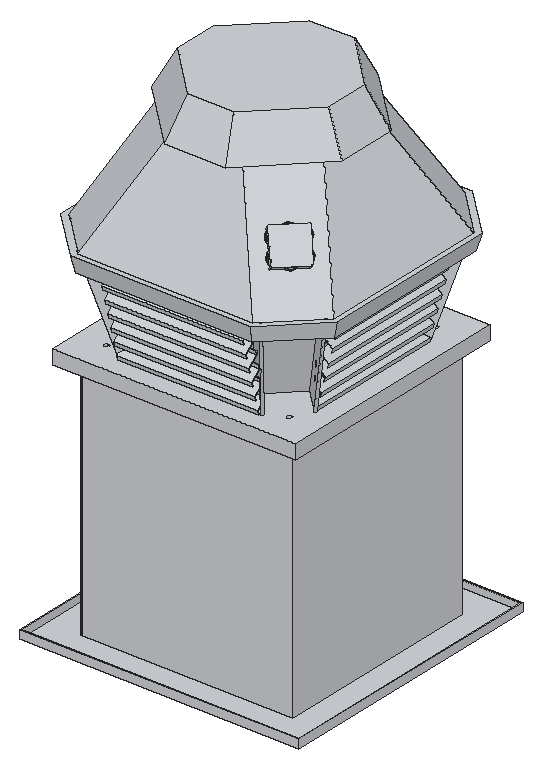
Revit family "ВентКлиматСтрой Вентилятор дымоудаления крышный радиальный ВКР", category Оборудование, Revit 2019
Family settings
  Размер круглого соединителя = Использовать диаметр
  Тип детали = Нормальный
  Номер OmniClass = 23.75.35.17.11
  Заголовок OmniClass = Fans for Air Ductwork
  На основе рабочей плоскости = Нет
  Всегда вертикально = Да
  При загрузке вырезать с полостями = Нет
  Общий = Нет
  Точка расчета площади = Да
Parameters (values of type "ВКР-3,55ДУ")
  № [instance] = 1
  УГО_3D = yes
  Стакан монтажный [instance] = yes
  Размер символа УГО 1D [instance] = 500 mm
  Полюсов [instance] = size_lookup("ВКР", "Poles", 4, D, №)  # 4
  Описание = "Вентилятор дымоудаления крышный радиальный с выходом потока вверх"  # constant formula
  МинРазмерШахты = size_lookup("СТМ200", "ShaftMinSize", 500 mm, D)  # 500 mm
  Марка двигателя [instance] = size_lookup("ВКР", "Drive", "", D, №)  # "АИР56B4"
  Клапан с электроприводом [instance] = no
  Изготовитель = "ООО \"ЗВО ВентКлиматСтрой\" тел.: +7(495)552-95-33 e-mail: vclimat@bk.ru"  # constant formula
  w = size_lookup("ВКР", "w", 107 mm, D)  # 107 mm
  d = size_lookup("ВКР", "d", 11 mm, D)  # 11.3 mm
  b = if(D < 560 mm, 30 mm, 40 mm)  # 30 mm
  ang = size_lookup("ВКР", "ang", 75.21°, D)  # 75.21°
  STM_h' [instance] = if(Стакан монтажный, 598 mm, 0 mm)  # 598 mm
  STM_Hb1 [instance] = if(Стакан монтажный, 20 mm, 0 mm)  # 20 mm
  STM_Hb [instance] = if(Стакан монтажный, 20 mm, 0 mm)  # 20 mm
  STM_H' [instance] = if(Стакан монтажный, 600 mm, 0 mm)  # 600 mm
  STM_C = size_lookup("СТМ200", "C", 420 mm, D)  # 420 mm
  STM_B = size_lookup("СТМ200", "B", 685 mm, D)  # 685 mm
  STM_A = size_lookup("СТМ200", "A", 520 mm, D)  # 520 mm
  h = size_lookup("ВКР", "h", 35 mm, D)  # 35 mm
  H3 = 0.3 * H  # 189 mm
  H2 = if(H * 0.15 > 150 mm, 150 mm, H * 0.15)  # 94.5 mm
  Lw, дБА [instance] = size_lookup("ВКР", "Lw", 60, D, №)  # 75
  Poles = 3
  H1' = H1 - h  # 248.5 mm
  H1 = 0.45 * H  # 283.5 mm
  H = size_lookup("ВКР", "H", 690 mm, D)  # 630 mm
  E1 = E - 2 * (H - H1) * sin(30.00°)  # 303.5 mm
  E = if(size_lookup("ВКР", "E", 630 mm, D) > B, size_lookup("ВКР", "E", 630 mm, D), B + 100 mm)  # 650 mm
  B1 = B - 60 mm  # 535 mm
  B = size_lookup("ВКР", "B", 595 mm, D)  # 595 mm
  ADSK_Частота вращения двигателя [instance] = size_lookup("ВКР", "Freq", 1400, D, №)  # 1300
  ADSK_Частота вращения вентилятора [instance] = ADSK_Частота вращения двигателя  # 1300
  ADSK_Ток [instance] = ADSK_Номинальная мощность / (ADSK_Коэффициент мощности * ADSK_Напряжение * sqrt(ADSK_Количество фаз числовое))  # 0.420741 A
  ADSK_Свободный напор воздуха [instance] = 0.0 Pa
  ADSK_Предел огнестойкости экземпляра = "120 мин."  # constant formula
  ADSK_Предел огнестойкости = "120"  # constant formula
  ADSK_Полная мощность [instance] = ADSK_Номинальная мощность / ADSK_Коэффициент мощности  # 276.923 VA
  ADSK_Обозначение = ""
  ADSK_Номинальная мощность [instance] = size_lookup("ВКР", "Pel", 0, D, №) * 1000 W  # 180 W
  ADSK_Напряжение = 380 V  # constant formula
  ADSK_Материал тип подсчета = 0  # constant formula
  ADSK_Коэффициент мощности [instance] = if(or(ADSK_Номинальная мощность < 1000 W, ADSK_Номинальная мощность = 1000 W), 0.65, if(and(ADSK_Номинальная мощность > 1000 W, ADSK_Номинальная мощность < 4000 W), 0.75, if(or(ADSK_Номинальная мощность > 4000 W, ADSK_Номинальная мощность = 4000 W), 0.85, 0)))  # 0.65
  ADSK_Количество фаз числовое = 3  # constant formula
  ADSK_Количество = 1  # constant formula
  ADSK_Классификация нагрузок = Прочее
  Hofs [instance] = if(Стакан монтажный, 600 mm, 0 mm)  # 600 mm
  Data = "ВКР"  # constant formula
  D = 355 mm
  ADSK_Расход воздуха [instance] = 0 m³/h
  ADSK_Примечание [instance] = ""
  ADSK_Позиция [instance] = ""
  ADSK_Наименование краткое [instance] = "Вентилятор дымоудаления крышный радиальный с выходом потока вверх"  # constant formula
  ADSK_Наименование [instance] = size_lookup("ВКР", "Name", "ВентКлиматСтрой ВКРВ: Некорректный типоразмер", D, №)  # "Вентилятор крышный радиальный с выходом потока вверх для систем дымоудаления при пожаре №3,55, общепромышленного исполнения, с электродвигателем мощностью 0.18 кВт, число полюсов 4"
  ADSK_Масса [instance] = size_lookup("ВКР", "Weight", 0, D, №)  # 23
  ADSK_Марка [instance] = size_lookup("ВКР", "", "ВентКлиматСтрой ВКРВ: Некорректный типоразмер", D, №)  # "ВКР-3,55ДУ 0.18/1300"
  ADSK_Код изделия [instance] = ""
  ADSK_Завод-изготовитель [instance] = "ООО \"ЗВО ВентКлиматСтрой\""  # constant formula
  ADSK_Единица измерения = "шт."  # constant formula
  ADSK_Группирование [instance] = ""
  ADSK_Версия семейства = "rev.1"  # constant formula
  ADSK_Версия Revit = "2019"  # constant formula
  A = size_lookup("ВКР", "A", 450 mm, D)  # 450 mm
Reference planes
  plane 1 "По центру (Вперед/Назад)": y = 0
  plane 2: z = 0
  plane 3 "По центру (Влево/Вправо)": x = 0
  plane 4 "Низ вентилятора": z = 600
  plane 5 "Вверх": z = 1230
  plane 6: z = 883.5
  plane 7: z = 1135.5
  plane 8 "Вправо": x = 297.5
  plane 9 "Влево": x = -297.5
  plane 10 "Сзади": y = 297.5
  plane 11 "Спереди": y = -297.5
  plane 12 "h": z = 635
  plane 13: y = 225
  plane 14: y = -225
  plane 15: x = 225
  plane 16: x = -225
  plane 17 "H3": z = 1033.5
  plane 18: through (-332.5, 332.5, 1200) normal (0.7071, 0.7071, 0)
  plane 19: through (332.5, 332.5, 1200) normal (0.7071, -0.7071, 0)
Forms (mm)
  Extrusion 1, solid, detail levels medium+fine
    sketch origin (0, 0, 0) x (1, 0, 0) y (0, 1, 0)
      loop
        line (260, -260) -> (260, 260) -> (-260, 260) -> (-260, -260) -> (260, -260)
      loop
        circle (0, 0) r 210
    from -1 to 600 <- "STM_H'"
  Extrusion 2, void
    sketch origin (0, 0, 0) x (1, 0, 0) y (0, 1, 0)
      loop
        line (258, 258) -> (-258, 258) -> (-258, -258) -> (258, -258) -> (258, 258)
    from -1 to 598 <- "STM_h'"
  Extrusion 3, solid
    sketch origin (0, 0, 0) x (1, 0, 0) y (0, 1, 0)
      loop
        line (260, 260) -> (-260, 260) -> (-260, -260) -> (260, -260) -> (260, 260)
      loop
        line (-342.5, 342.5) -> (-342.5, -342.5) -> (342.5, -342.5) -> (342.5, 342.5) -> (-342.5, 342.5)
    from -1 to 20 <- "STM_Hb"
  Extrusion 4, void
    sketch origin (0, 0, 0) x (1, 0, 0) y (0, 1, 0)
      loop
        line (260, -260) -> (260, 260) -> (-260, 260) -> (-260, -260) -> (260, -260)
      loop
        line (-340.5, -340.5) -> (340.5, -340.5) -> (340.5, 340.5) -> (-340.5, 340.5) -> (-340.5, -340.5)
    from 2 to 20 <- "STM_Hb1"
  Extrusion 5, void
    sketch origin (0, 0, 0) x (1, 0, 0) y (0, 1, 0)
      loop
        line (342.5, -342.5) -> (342.5, 342.5) -> (-342.5, 342.5) -> (-342.5, -342.5) -> (342.5, -342.5)
    from -1 to 0
  SweptBlend 6, solid, detail levels medium+fine
    path origin (0, 0, 0) x (1, 0, 0) y (0, 0, 1)
      loop
        line (0, 635) -> (0, 883.5)
    profile "ВКР_Корпус_Рама : Низ" origin (0, 0, 635) x (-1, 0, 0) y (0, -1, 0)
      loop
        line (-250.33, -174.67) -> (-246.795, -178.205) -> (-190.226, -121.637) -> (-121.637, -190.226) -> (-178.205, -246.795) -> (-174.67, -250.33) -> (-82.746, -158.406) -> (82.746, -158.406) -> (174.67, -250.33) -> (178.205, -246.795) -> (121.637, -190.226) -> (190.226, -121.637) -> (246.795, -178.205) -> (250.33, -174.67) -> (158.406, -82.746) -> (158.406, 82.746) -> (250.33, 174.67) -> (246.795, 178.205) -> (190.226, 121.637) -> (121.637, 190.226) -> (178.205, 246.795) -> (174.67, 250.33) -> (82.746, 158.406) -> (-82.746, 158.406) -> (-174.67, 250.33) -> (-178.205, 246.795) -> (-121.637, 190.226) -> (-190.226, 121.637) -> (-246.795, 178.205) -> (-250.33, 174.67) -> (-158.406, 82.746) -> (-158.406, -82.746) -> (-250.33, -174.67)
    end profile "ВКР_Корпус_Рама : Центр" origin (0, 0, 883.5) x (-1, 0, 0) y (0, -1, 0)
      loop
        line (-315.962, -224.038) -> (-312.426, -227.574) -> (-255.858, -171.005) -> (-171.005, -255.858) -> (-227.574, -312.426) -> (-224.038, -315.962) -> (-132.114, -224.038) -> (132.114, -224.038) -> (224.038, -315.962) -> (227.574, -312.426) -> (171.005, -255.858) -> (255.858, -171.005) -> (312.426, -227.574) -> (315.962, -224.038) -> (224.038, -132.114) -> (224.038, 132.114) -> (315.962, 224.038) -> (312.426, 227.574) -> (255.858, 171.005) -> (171.005, 255.858) -> (227.574, 312.426) -> (224.038, 315.962) -> (132.114, 224.038) -> (-132.114, 224.038) -> (-224.038, 315.962) -> (-227.574, 312.426) -> (-171.005, 255.858) -> (-255.858, 171.005) -> (-312.426, 227.574) -> (-315.962, 224.038) -> (-224.038, 132.114) -> (-224.038, -132.114) -> (-315.962, -224.038)
  Extrusion 7, solid, detail levels medium+fine
    sketch origin (0, 0, 600) x (0, -1, 0) y (1, 0, 0)
      loop
        line (-297.5, -297.5) -> (297.5, -297.5) -> (297.5, 297.5) -> (-297.5, 297.5) -> (-297.5, -297.5)
      loop
        circle (-225, 225) r 5.65
      loop
        circle (-225, -225) r 5.65
      loop
        circle (225, 225) r 5.65
      loop
        circle (225, -225) r 5.65
    from 0 to 35 <- "h"
  SweptBlend 8, solid, detail levels medium+fine
    path origin (0, 0, 0) x (1, 0, 0) y (0, 0, 1)
      loop
        line (0, 883.5) -> (0, 1230)
    profile "ВКР_Корпус : Центр" origin (0, 0, 883.5) x (-1, 0, 0) y (0, -1, 0)
      loop
        line (-325, 215) -> (-325, -215) -> (-215, -325) -> (215, -325) -> (325, -215) -> (325, 215) -> (215, 325) -> (-215, 325) -> (-325, 215)
    end profile "ВКР_Корпус : Верх" origin (0, 0, 1230) x (-1, 0, 0) y (0, -1, 0)
      loop
        line (-151.75, 41.75) -> (-151.75, -41.75) -> (-41.75, -151.75) -> (41.75, -151.75) -> (151.75, -41.75) -> (151.75, 41.75) -> (41.75, 151.75) -> (-41.75, 151.75) -> (-151.75, 41.75)
  Sweep 9, solid, detail levels medium+fine
    path in 3D
      loop
        line (-325, -215, 883.5) -> (-215, -325, 883.5) -> (215, -325, 883.5) -> (325, -215, 883.5) -> (325, 215, 883.5) -> (215, 325, 883.5) -> (-215, 325, 883.5) -> (-325, 215, 883.5) -> (-325, -215, 883.5)
    profile origin (-325, 0, 883.5) x (-1, 0, 0) y (0, 0, -1)
      loop
        line (15, 0) -> (4.436, 40) -> (-20, 40) -> (-20, 0) -> (15, 0)
  Sweep 10, solid, detail levels medium+fine
    path origin (0, 0, 635) x (0, -1, 0) y (1, 0, 0)
      loop
        line (172.906, 264.83) -> (-172.906, 264.83)
    profile "Ламель корпуса вентилятора : Ламель корпуса вентилятора" origin (264.83, 0, 635) x (-1, 0, 0) y (0, 0, 1)
      loop
        line (-40.641, 210.741) -> (-39.625, 210.741) -> (-42.155, 220.323) -> (-17.548, 240.818) -> (-20.131, 250.603) -> (-21.165, 250.603) -> (-18.689, 241.223) -> (-43.281, 220.741) -> (-40.641, 210.741)
      loop
        line (-31.352, 175.56) -> (-30.337, 175.56) -> (-32.867, 185.142) -> (-8.259, 205.637) -> (-10.842, 215.422) -> (-11.877, 215.422) -> (-9.4, 206.042) -> (-33.992, 185.56) -> (-31.352, 175.56)
      loop
        line (-22.064, 140.379) -> (-21.048, 140.379) -> (-23.578, 149.961) -> (1.03, 170.456) -> (-1.554, 180.241) -> (-2.588, 180.241) -> (-0.112, 170.861) -> (-24.704, 150.379) -> (-22.064, 140.379)
      loop
        line (-12.775, 105.198) -> (-11.76, 105.198) -> (-14.289, 114.78) -> (10.318, 135.275) -> (7.735, 145.06) -> (6.701, 145.06) -> (9.177, 135.68) -> (-15.415, 115.198) -> (-12.775, 105.198)
      loop
        line (-3.486, 70.017) -> (-2.471, 70.017) -> (-5.001, 79.599) -> (19.607, 100.095) -> (17.023, 109.879) -> (15.989, 109.879) -> (18.466, 100.499) -> (-6.127, 80.017) -> (-3.486, 70.017)
      loop
        line (5.802, 34.836) -> (6.837, 34.836) -> (4.303, 44.431) -> (28.895, 64.914) -> (26.312, 74.698) -> (25.278, 74.698) -> (27.754, 65.318) -> (3.162, 44.836) -> (5.802, 34.836)
      loop
        line (15, 0) -> (16.034, 0) -> (13.592, 9.25) -> (38.184, 29.733) -> (35.601, 39.517) -> (34.566, 39.517) -> (37.043, 30.138) -> (12.451, 9.655) -> (15, 0)
  Sweep 11, solid, detail levels medium+fine
    path origin (0, 0, 635) x (0, -1, 0) y (1, 0, 0)
      loop
        line (172.906, -264.83) -> (-172.906, -264.83)
    profile "Ламель корпуса вентилятора : Ламель корпуса вентилятора" origin (-264.83, 0, 635) x (-1, 0, 0) y (0, 0, 1)
      loop
        line (40.641, 210.741) -> (43.281, 220.741) -> (18.689, 241.223) -> (21.165, 250.603) -> (20.131, 250.603) -> (17.548, 240.818) -> (42.155, 220.323) -> (39.625, 210.741) -> (40.641, 210.741)
      loop
        line (31.352, 175.56) -> (33.992, 185.56) -> (9.4, 206.042) -> (11.877, 215.422) -> (10.842, 215.422) -> (8.259, 205.637) -> (32.867, 185.142) -> (30.337, 175.56) -> (31.352, 175.56)
      loop
        line (22.064, 140.379) -> (24.704, 150.379) -> (0.112, 170.861) -> (2.588, 180.241) -> (1.554, 180.241) -> (-1.03, 170.456) -> (23.578, 149.961) -> (21.048, 140.379) -> (22.064, 140.379)
      loop
        line (12.775, 105.198) -> (15.415, 115.198) -> (-9.177, 135.68) -> (-6.701, 145.06) -> (-7.735, 145.06) -> (-10.318, 135.275) -> (14.289, 114.78) -> (11.76, 105.198) -> (12.775, 105.198)
      loop
        line (3.486, 70.017) -> (6.127, 80.017) -> (-18.466, 100.499) -> (-15.989, 109.879) -> (-17.023, 109.879) -> (-19.607, 100.095) -> (5.001, 79.599) -> (2.471, 70.017) -> (3.486, 70.017)
      loop
        line (-5.802, 34.836) -> (-3.162, 44.836) -> (-27.754, 65.318) -> (-25.278, 74.698) -> (-26.312, 74.698) -> (-28.895, 64.914) -> (-4.303, 44.431) -> (-6.837, 34.836) -> (-5.802, 34.836)
      loop
        line (-15, 0) -> (-12.451, 9.655) -> (-37.043, 30.138) -> (-34.566, 39.517) -> (-35.601, 39.517) -> (-38.184, 29.733) -> (-13.592, 9.25) -> (-16.034, 0) -> (-15, 0)
  Sweep 12, solid, detail levels medium+fine
    path origin (0, 0, 635) x (-1, 0, 0) y (0, -1, 0)
      loop
        line (172.906, -264.83) -> (-172.906, -264.83)
    profile "Ламель корпуса вентилятора : Ламель корпуса вентилятора" origin (0, 264.83, 635) x (0, 1, 0) y (0, 0, 1)
      loop
        line (45.641, 210.741) -> (48.281, 220.741) -> (23.689, 241.223) -> (26.165, 250.603) -> (25.131, 250.603) -> (22.548, 240.818) -> (47.155, 220.323) -> (44.625, 210.741) -> (45.641, 210.741)
      loop
        line (36.352, 175.56) -> (38.992, 185.56) -> (14.4, 206.042) -> (16.877, 215.422) -> (15.842, 215.422) -> (13.259, 205.637) -> (37.867, 185.142) -> (35.337, 175.56) -> (36.352, 175.56)
      loop
        line (27.064, 140.379) -> (29.704, 150.379) -> (5.112, 170.861) -> (7.588, 180.241) -> (6.554, 180.241) -> (3.97, 170.456) -> (28.578, 149.961) -> (26.048, 140.379) -> (27.064, 140.379)
      loop
        line (17.775, 105.198) -> (20.415, 115.198) -> (-4.177, 135.68) -> (-1.701, 145.06) -> (-2.735, 145.06) -> (-5.318, 135.275) -> (19.289, 114.78) -> (16.76, 105.198) -> (17.775, 105.198)
      loop
        line (8.486, 70.017) -> (11.127, 80.017) -> (-13.466, 100.499) -> (-10.989, 109.879) -> (-12.023, 109.879) -> (-14.607, 100.095) -> (10.001, 79.599) -> (7.471, 70.017) -> (8.486, 70.017)
      loop
        line (-0.802, 34.836) -> (1.838, 44.836) -> (-22.754, 65.318) -> (-20.278, 74.698) -> (-21.312, 74.698) -> (-23.895, 64.914) -> (0.697, 44.431) -> (-1.837, 34.836) -> (-0.802, 34.836)
      loop
        line (-10, 0) -> (-7.451, 9.655) -> (-32.043, 30.138) -> (-29.566, 39.517) -> (-30.601, 39.517) -> (-33.184, 29.733) -> (-8.592, 9.25) -> (-11.034, 0) -> (-10, 0)
  Sweep 13, solid, detail levels medium+fine
    path origin (0, 0, 635) x (-1, 0, 0) y (0, -1, 0)
      loop
        line (172.906, 264.83) -> (-172.906, 264.83)
    profile "Ламель корпуса вентилятора : Ламель корпуса вентилятора" origin (0, -264.83, 635) x (0, 1, 0) y (0, 0, 1)
      loop
        line (-45.641, 210.741) -> (-44.625, 210.741) -> (-47.155, 220.323) -> (-22.548, 240.818) -> (-25.131, 250.603) -> (-26.165, 250.603) -> (-23.689, 241.223) -> (-48.281, 220.741) -> (-45.641, 210.741)
      loop
        line (-36.352, 175.56) -> (-35.337, 175.56) -> (-37.867, 185.142) -> (-13.259, 205.637) -> (-15.842, 215.422) -> (-16.877, 215.422) -> (-14.4, 206.042) -> (-38.992, 185.56) -> (-36.352, 175.56)
      loop
        line (-27.064, 140.379) -> (-26.048, 140.379) -> (-28.578, 149.961) -> (-3.97, 170.456) -> (-6.554, 180.241) -> (-7.588, 180.241) -> (-5.112, 170.861) -> (-29.704, 150.379) -> (-27.064, 140.379)
      loop
        line (-17.775, 105.198) -> (-16.76, 105.198) -> (-19.289, 114.78) -> (5.318, 135.275) -> (2.735, 145.06) -> (1.701, 145.06) -> (4.177, 135.68) -> (-20.415, 115.198) -> (-17.775, 105.198)
      loop
        line (-8.486, 70.017) -> (-7.471, 70.017) -> (-10.001, 79.599) -> (14.607, 100.095) -> (12.023, 109.879) -> (10.989, 109.879) -> (13.466, 100.499) -> (-11.127, 80.017) -> (-8.486, 70.017)
      loop
        line (0.802, 34.836) -> (1.837, 34.836) -> (-0.697, 44.431) -> (23.895, 64.914) -> (21.312, 74.698) -> (20.278, 74.698) -> (22.754, 65.318) -> (-1.838, 44.836) -> (0.802, 34.836)
      loop
        line (10, 0) -> (11.034, 0) -> (8.592, 9.25) -> (33.184, 29.733) -> (30.601, 39.517) -> (29.566, 39.517) -> (32.043, 30.138) -> (7.451, 9.655) -> (10, 0)
  Sweep 14, solid, detail levels medium+fine
    path in 3D
      loop
        line (151.75, -41.75, 1230) -> (41.75, -151.75, 1230) -> (-41.75, -151.75, 1230) -> (-151.75, -41.75, 1230) -> (-151.75, 41.75, 1230) -> (-41.75, 151.75, 1230) -> (41.75, 151.75, 1230) -> (151.75, 41.75, 1230) -> (151.75, -41.75, 1230)
    profile origin (151.75, 0, 1230) x (1, 0, 0) y (0, 0, 1)
      loop
        line (33.541, 0) -> (0, 0) -> (47.25, -94.5) -> (80.791, -94.5) -> (33.541, 0)
  Extrusion 15, void
    sketch origin (155.931, 155.931, 635) x (0.707107, -0.707107, 0) y (0.219913, 0.219913, 0.950408)
      loop
        line (53.5, 261.467) -> (-53.5, 261.467) -> (-53.5, 0) -> (53.5, 0) -> (53.5, 261.467)
    from 0 to -150
  Extrusion 16, void
    sketch origin (-155.931, 155.931, 635) x (0.707107, 0.707107, 0) y (-0.219913, 0.219913, 0.950408)
      loop
        line (53.5, 261.467) -> (-53.5, 261.467) -> (-53.5, 0) -> (53.5, 0) -> (53.5, 261.467)
    from 0 to -150
  Extrusion 17, void
    sketch origin (-155.931, -155.931, 635) x (-0.707107, 0.707107, 0) y (-0.219913, -0.219913, 0.950408)
      loop
        line (-53.5, 261.467) -> (-53.5, 0) -> (53.5, 0) -> (53.5, 261.467) -> (-53.5, 261.467)
    from 0 to -150
  Extrusion 18, void
    sketch origin (155.931, -155.931, 635) x (-0.707107, -0.707107, 0) y (0.219913, -0.219913, 0.950408)
      loop
        line (-53.5, 261.467) -> (-53.5, 0) -> (53.5, 0) -> (53.5, 261.467) -> (-53.5, 261.467)
    from 0 to -150
Cuts and joins
  Extrusion 2, Extrusion 4, Extrusion 5 cuts Extrusion 1
  Extrusion 4, Extrusion 5 cuts Extrusion 3
  Extrusion 15 cuts SweptBlend 8
  Extrusion 15 cuts Sweep 14
  joined: SweptBlend 8, Sweep 14
  Extrusion 15, Extrusion 16 cuts Sweep 12
  Extrusion 16, Extrusion 17 cuts Sweep 11
  Extrusion 15, Extrusion 18 cuts Sweep 10
  Extrusion 17, Extrusion 18 cuts Sweep 13
Lines and regions (mm)
  reference lines
    curve 1: line (0, 0, 751) -> (0, 0, 0)
  sketch lines
    curve 2: line (-325, 215, 883.5) -> (-325, -215, 883.5)
    curve 3: line (-325, -215, 883.5) -> (-215, -325, 883.5)
    curve 4: line (-215, -325, 883.5) -> (215, -325, 883.5)
    curve 5: line (215, -325, 883.5) -> (325, -215, 883.5)
    curve 6: line (325, -215, 883.5) -> (325, 215, 883.5)
    curve 7: line (325, 215, 883.5) -> (215, 325, 883.5)
    curve 8: line (215, 325, 883.5) -> (-215, 325, 883.5)
    curve 9: line (-215, 325, 883.5) -> (-325, 215, 883.5)
    curve 10: line (151.75, 41.75, 1230) -> (151.75, -41.75, 1230)
    curve 11: line (41.75, 151.75, 1230) -> (151.75, 41.75, 1230)
    curve 12: line (-41.75, 151.75, 1230) -> (41.75, 151.75, 1230)
    curve 13: line (-151.75, 41.75, 1230) -> (-41.75, 151.75, 1230)
    curve 14: line (-151.75, -41.75, 1230) -> (-151.75, 41.75, 1230)
    curve 15: line (-41.75, -151.75, 1230) -> (-151.75, -41.75, 1230)
    curve 16: line (41.75, -151.75, 1230) -> (-41.75, -151.75, 1230)
    curve 17: line (151.75, -41.75, 1230) -> (41.75, -151.75, 1230)
Dimensions and locks
  equal spacing: Extrusion 1 sketch curve, plane 3 "По центру (Влево/Вправо)", Extrusion 1 sketch curve
  "STM_A": Extrusion 1 sketch curve to Extrusion 1 sketch curve  (x2)
  equal spacing: Extrusion 1 sketch curve, plane 1 "По центру (Вперед/Назад)", Extrusion 1 sketch curve
  locked: cut or joined group of Extrusion 1, Extrusion 2, Extrusion 4, Extrusion 5 to Extrusion 2 sketch curve at 2  (x3)
  locked: Extrusion 2 sketch curve to cut or joined group of Extrusion 1, Extrusion 2, Extrusion 4, Extrusion 5 at 2
  equal spacing: Extrusion 3 sketch curve, plane 3 "По центру (Влево/Вправо)", Extrusion 3 sketch curve
  equal spacing: Extrusion 3 sketch curve, plane 1 "По центру (Вперед/Назад)", Extrusion 3 sketch curve
  "STM_B": Extrusion 3 sketch curve to Extrusion 3 sketch curve  (x2)
  locked: Extrusion 3 to Extrusion 4 sketch curve at 2  (x3)
  locked: Extrusion 4 sketch curve to Extrusion 3 at 2
  "H": plane 5 "Вверх" to plane 4 "Низ вентилятора"
  "Hofs": plane 4 "Низ вентилятора" to level
  "H1": plane 6 to plane 4 "Низ вентилятора"
  "H2": plane 5 "Вверх" to plane 7
  equal spacing: plane 11 "Спереди", plane 1 "По центру (Вперед/Назад)", plane 10 "Сзади"
  "B": plane 11 "Спереди" to plane 10 "Сзади"
  equal spacing: plane 9 "Влево", plane 3 "По центру (Влево/Вправо)", plane 8 "Вправо"
  "B": plane 9 "Влево" to plane 8 "Вправо"
  "h": plane 12 "h" to plane 4 "Низ вентилятора"
  equal spacing: plane 16, plane 3 "По центру (Влево/Вправо)", plane 15
  "A": plane 16 to plane 15
  equal spacing: plane 14, plane 1 "По центру (Вперед/Назад)", plane 13
  "A": plane 14 to plane 13
  locked: Sweep 9 sketch curve to profile plane at 20
  locked: profile plane to Sweep 9 sketch curve at 40
  locked: profile plane to Sweep 9 sketch curve at 15
  SweptBlend 8 to nested 1 = 100.243 mm
  "b": Sweep 14 sketch curve to SweptBlend 8
  equal spacing: Extrusion 16 sketch curve, plane 18, Extrusion 16 sketch curve
  "w": Extrusion 16 sketch curve to Extrusion 16 sketch curve
  equal spacing: Extrusion 15 sketch curve, plane 19, Extrusion 15 sketch curve
  "w": Extrusion 15 sketch curve to Extrusion 15 sketch curve
  equal spacing: Extrusion 17 sketch curve, plane 19, Extrusion 17 sketch curve
  "w": Extrusion 17 sketch curve to Extrusion 17 sketch curve
  equal spacing: Extrusion 18 sketch curve, plane 18, Extrusion 18 sketch curve
  "w": Extrusion 18 sketch curve to Extrusion 18 sketch curve
  locked: plane 17 "H3" to plane 6 at 150
  "STM_C": diameter of Extrusion 1 sketch curve
  "d": diameter of Extrusion 7 sketch curve  (x4)
  aligned and locked: level to plane 2
  aligned and locked: plane 2 to curve 1
  aligned and locked: curve 1 to plane 3 "По центру (Влево/Вправо)"
  aligned and locked: plane 3 "По центру (Влево/Вправо)" to nested 2
  aligned and locked: Extrusion 3 sketch curve to cut or joined group of Extrusion 1, Extrusion 2, Extrusion 4, Extrusion 5  (x4)
  aligned and locked: Extrusion 4 sketch curve to Extrusion 3  (x4)
  aligned and locked: Extrusion 5 sketch curve to cut or joined group of Extrusion 3, Extrusion 4, Extrusion 5  (x4)
  aligned and locked: plane 1 "По центру (Вперед/Назад)" to nested 3
  aligned and locked: plane 3 "По центру (Влево/Вправо)" to nested 3
  aligned and locked: plane 4 "Низ вентилятора" to nested 2
  aligned and locked: plane 6 to SweptBlend 6 sketch curve
  aligned and locked: plane 3 "По центру (Влево/Вправо)" to SweptBlend 6 sketch curve
  aligned and locked: plane 12 "h" to SweptBlend 6 sketch curve
  aligned and locked: Extrusion 7 sketch curve to plane 10 "Сзади"
  aligned and locked: Extrusion 7 sketch curve to plane 9 "Влево"
  aligned and locked: plane 11 "Спереди" to Extrusion 7 sketch curve
  aligned and locked: plane 8 "Вправо" to Extrusion 7 sketch curve
  aligned and locked: plane 15 to Extrusion 7 sketch curve  (x2)
  aligned and locked: plane 13 to Extrusion 7 sketch curve  (x2)
  aligned and locked: plane 14 to Extrusion 7 sketch curve  (x2)
  aligned and locked: plane 16 to Extrusion 7 sketch curve  (x2)
  aligned and locked: plane 5 "Вверх" to SweptBlend 8 sketch curve
  aligned and locked: plane 3 "По центру (Влево/Вправо)" to SweptBlend 8 sketch curve
  aligned and locked: plane 6 to SweptBlend 8 sketch curve
  aligned and locked: plane 18 to nested 1
  aligned and locked: SweptBlend 6 to Sweep 12 sketch curve  (x2)
  aligned and locked: SweptBlend 6 to Sweep 11 sketch curve  (x2)
  aligned and locked: SweptBlend 6 to Sweep 13 sketch curve  (x2)
  aligned and locked: SweptBlend 6 to Sweep 10 sketch curve  (x2)
  aligned and locked: Sweep 14 sketch curve to profile plane
  aligned and locked: Sweep 14 sketch curve to plane 7
  aligned and locked: cut or joined group of SweptBlend 8, Sweep 14, Extrusion 15 to Sweep 14 sketch curve
  aligned and locked: SweptBlend 6 to Extrusion 15 sketch curve
  aligned and locked: Extrusion 15 sketch curve to SweptBlend 6
  aligned and locked: SweptBlend 6 to Extrusion 16 sketch curve
  aligned and locked: Extrusion 16 sketch curve to SweptBlend 6
  aligned and locked: Extrusion 17 sketch curve to SweptBlend 6  (x2)
  aligned and locked: Extrusion 18 sketch curve to SweptBlend 6  (x2)
Automatic sketch dimensions
  curve 1 to plane 12 "h" = 116 mm
  Sweep 9 sketch curve to profile plane = 0 mm
  Sweep 9 sketch curve to profile plane = 4.436 mm
  Sweep 12 sketch curve to Extrusion 7 = 32.67 mm
  Sweep 11 sketch curve to Extrusion 7 = 32.67 mm
  Sweep 13 sketch curve to Extrusion 7 = 32.67 mm
  Sweep 10 sketch curve to Extrusion 7 = 32.67 mm
  plane 1 "По центру (Вперед/Назад)" to Extrusion 1 sketch curve = 0 mm
  Extrusion 1 sketch curve to plane 3 "По центру (Влево/Вправо)" = 0 mm
Nested families
  nested 1: "Коробка подключения с основанием" at (212.338, -212.338, 998.825) x (0.7071, 0.7071, 0) z (0.5774, -0.5774, 0.5774), type "Коробка подключения с основанием", detail levels medium+fine
    with Угловой элемент no, Площадка no, W 82 mm, H 41 mm, Base Offset 20 mm
  nested 2: "УГО_Вент_Вентилятор крышный" at (0, 0, 600) x (1, 0, 0) z (0, -1, 0), Размер символа <- "Размер символа УГО 1D", type "Крышный радиальный с боковым выбросом", detail levels coarse
    with Размер символа 500 mm, Fo 125 mm
  nested 3: "Вл_Общ_Стакан монтажный СМ" at (0, 0, 0), visible <- "Стакан монтажный", Клапан с электроприводом <- "Клапан с электроприводом", D <- "D", ADSK_Группирование <- "ADSK_Группирование", type "Стакан монтажный СМ", detail levels coarse
    with МинРазмерШахты 500 mm, Коррозионностойкое исполнение no, Клапан с электроприводом no, STM_D 355 mm, STM_C 420 mm, Hст 600 mm, F 480 mm, Dвых 420 mm, D 355 mm, B 685 mm, ADSK_Свободный напор воздуха 0.0 Pa, ADSK_Расход воздуха 0 m³/h, ADSK_Примечание "", ADSK_Позиция "", ADSK_Наименование краткое "Монтажный стакан крышного вентилятора", ADSK_Наименование "Стакан монтажный для крышного осевого вентилятора ВКОПв №3.55, без уклона, с термоизоляцией, без встроенных клапанов, общепромышленное исполнение", ADSK_Масса_Текст "", ADSK_Масса 0, ADSK_Марка "СТМ 200 ОСВ 3,55 О", ADSK_Код изделия "", ADSK_Завод-изготовитель "ООО \"ЗВО ВентКлиматСтрой\"", ADSK_Группирование "", A 520 mm
Connectors
  hvac at (0, 0, 0), driven by "ADSK_Расход воздуха", driven by "D", driven by "МинРазмерШахты", driven by "МинРазмерШахты"
    settings: on curve 1, index 1, duct flow 0 m³/h, flow factor 0, pres drop 0.0 Pa, loss coef 0, conn angle 0.00°, conn width 500 mm, conn height 500 mm, conn diameter 355 mm, duct sys type 29, conn prof type 1, flow config 2, flow direction 2, loss method 4, conn ref index -1, conn util no, is conn primary yes, conn desc "Выход"
  electrical at (236.009, -236.009, 1022.496), driven by "Poles", driven by "ADSK_Напряжение", driven by "ADSK_Коэффициент мощности", driven by "ADSK_Номинальная мощность"
    settings: on nested 1, index 2, voltage 380 V, apparent load 180 VA, apparent load phase1 0 VA, apparent load phase2 0 VA, apparent load phase3 0 VA, power factor 0.65, load classification "Прочее", number of poles 3, system type 30, power factor state 0, is connector primary yes, connector utility no, sub classification motor no, connector description "Подключение электричества"
Definition of nested family "Коробка подключения с основанием"
  Parameters (values of type "Switchbox with base")
    Угловой элемент [instance] = yes
    Площадка [instance] = yes
    Default Elevation = 0 mm
    W [instance] = 82 mm
    H [instance] = 41 mm
    Base_Width = 100 mm
    Base_RL = 50 mm
    Base_H = 20 mm
    Base Offset [instance] = 5 mm
  Reference planes
    plane 1 "По центру (Вперед/Назад)": y = 0
    plane 2: z = 0
    plane 3 "По центру (Влево/Вправо)": x = 0
    plane 4 "Switches": z = 35.5
    plane 5 "Top": z = 56
    plane 6 "Con1": y = -80
    plane 7 "Base": z = 15
    plane 8 "BaseBottom": z = -5
  Forms (mm)
    Extrusion 1, solid
      sketch origin (-0.8, -309.2, 0) x (1, 0, 0) y (0, 1, 0)
        loop
          line (-489.2, 689.2) -> (-489.2, -180.628) -> (498.724, -180.628) -> (498.724, 689.2) -> (-489.2, 689.2)
      from 0 to -200
    Extrusion 2, solid
      sketch origin (0, 0, 15) x (0, -1, 0) y (1, 0, 0)
        loop
          arc (-41, -38) -> (-40.121, -40.121) -> (-38, -41) r 3
          line (-38, -41) -> (38, -41)
          arc (38, -41) -> (40.121, -40.121) -> (41, -38) r 3
          line (41, -38) -> (41, 38)
          arc (41, 38) -> (40.121, 40.121) -> (38, 41) r 3
          line (38, 41) -> (-38, 41)
          arc (-38, 41) -> (-40.121, 40.121) -> (-41, 38) r 3
          line (-41, 38) -> (-41, -38)
      from 0 to 41 <- "H"
    Revolve 3, solid
      sketch origin (0, 0, 35.5) x (0, -1, 0) y (1, 0, 0)
        loop
          line (-20.5, 41) -> (-20.5, 46.931) -> (-22.5, 46.931) -> (-24.5, 45.448) -> (-26.5, 45.448) -> (-28.5, 43.966) -> (-30.5, 43.966) -> (-32.5, 42.483) -> (-32.5, 41) -> (-20.5, 41)
        loop
          line (-20.5, -41) -> (-32.5, -41) -> (-32.5, -42.483) -> (-30.5, -43.966) -> (-28.5, -43.966) -> (-26.5, -45.448) -> (-24.5, -45.448) -> (-22.5, -46.931) -> (-20.5, -46.931) -> (-20.5, -41)
        axis (-20.5, 46.931) -> (-20.5, -46.931)
      angle from 0 to 360
    Revolve 4, solid
      sketch origin (0, 0, 35.5) x (0, -1, 0) y (1, 0, 0)
        loop
          line (20.5, 41) -> (20.5, 46.931) -> (18.5, 46.931) -> (16.5, 45.448) -> (14.5, 45.448) -> (12.5, 43.966) -> (10.5, 43.966) -> (8.5, 42.483) -> (8.5, 41) -> (20.5, 41)
        loop
          line (20.5, -41) -> (8.5, -41) -> (8.5, -42.483) -> (10.5, -43.966) -> (12.5, -43.966) -> (14.5, -45.448) -> (16.5, -45.448) -> (18.5, -46.931) -> (20.5, -46.931) -> (20.5, -41)
        axis (20.5, 46.931) -> (20.5, -46.931)
      angle from 0 to 360
    Revolve 5, solid
      sketch origin (0, 0, 35.5) x (0, -1, 0) y (1, 0, 0)
        loop
          line (-41, 0) -> (-46.931, 0) -> (-46.931, -2) -> (-45.448, -4) -> (-45.448, -6) -> (-43.966, -8) -> (-43.966, -10) -> (-42.483, -12) -> (-41, -12) -> (-41, 0)
        loop
          line (41, 0) -> (41, -12) -> (42.483, -12) -> (43.966, -10) -> (43.966, -8) -> (45.448, -6) -> (45.448, -4) -> (46.931, -2) -> (46.931, 0) -> (41, 0)
        axis (-46.931, 0) -> (46.931, 0)
      angle from 0 to 360
    Revolve 6, solid, visible <- "Угловой элемент"
      sketch origin (0, -80, 0) x (-1, 0, 0) y (0, 0, 1)
        loop
          line (0, 0) -> (0, 5.931) -> (-2, 5.931) -> (-4, 4.448) -> (-6, 4.448) -> (-8, 2.966) -> (-10, 2.966) -> (-12, 1.483) -> (-12, 0) -> (0, 0)
        axis (0, 5.931) -> (0, 0)
      angle from 0 to 360
    Sweep 7, solid, visible <- "Угловой элемент"
      path origin (0, 0, 0) x (0, 1, 0) y (0, 0, 1)
        loop
          line (-45.448, 35.5) -> (-75, 35.5)
          arc (-75, 35.5) -> (-78.536, 34.036) -> (-80, 30.5) r 5
          line (-80, 30.5) -> (-80, 4.448)
      profile origin (0, -60.224, 35.5) x (0, 0, -1) y (1, 0, 0)
        loop
          circle (0, 0) r 2.5
    Sweep 8, solid, visible <- "Площадка"
      path origin (0, 0, 15) x (0, -1, 0) y (1, 0, 0)
        loop
          line (0, 50) -> (0, -130)
      profile origin (-40, 0, 15) x (0, -1, 0) y (0, 0, 1)
        loop
          line (50, -20) -> (50, -5)
          arc (50, -5) -> (48.536, -1.464) -> (45, 0) r 5
          line (45, 0) -> (-45, 0)
          arc (-45, 0) -> (-48.536, -1.464) -> (-50, -5) r 5
          line (-50, -5) -> (-50, -20) -> (-49, -20) -> (-49, -5)
          arc (-49, -5) -> (-47.828, -2.172) -> (-45, -1) r 4
          line (-45, -1) -> (45, -1)
          arc (45, -1) -> (47.828, -2.172) -> (49, -5) r 4
          line (49, -5) -> (49, -20) -> (50, -20)
    Sweep 9, void
      path origin (0, 0, 15) x (1, 0, 0) y (0, 1, 0)
        loop
          line (0, -50) -> (0, 50)
      profile origin (0, 0, 15) x (-1, 0, 0) y (0, 0, 1)
        loop
          line (-35, -20) -> (115, -20) -> (115, -14)
          arc (115, -14) -> (113.536, -10.464) -> (110, -9) r 5
          line (110, -9) -> (-30, -9)
          arc (-30, -9) -> (-33.536, -10.464) -> (-35, -14) r 5
          line (-35, -14) -> (-35, -20)
  Cuts and joins
    Sweep 9 cuts Revolve 6
    Sweep 9 cuts Sweep 8
  Lines and regions (mm)
    reference lines
      curve 1: line (0, -100, 0) -> (0, 100, 0)
      curve 2: line (-100, 0, 0) -> (100, 0, 0)
      curve 3: line (0, 0, 15) -> (50, 0, 15)
  Dimensions and locks
    equal spacing: Extrusion 2 sketch curve, plane 1 "По центру (Вперед/Назад)", Extrusion 2 sketch curve
    equal spacing: Extrusion 2 sketch curve, plane 3 "По центру (Влево/Вправо)", Extrusion 2 sketch curve
    "W": Extrusion 2 sketch curve to Extrusion 2 sketch curve  (x2)
    Revolve 3 sketch curve to Revolve 3 sketch curve = 12 mm
    locked: Revolve 3 sketch curve to Revolve 3 sketch curve at 5.931  (x2)
    equal spacing: Revolve 3 sketch curve, Revolve 3 sketch curve, Revolve 3 sketch curve, Revolve 3 sketch curve, Revolve 3 sketch curve, Revolve 3 sketch curve, Revolve 3 sketch curve  (x2)
    equal spacing: plane 1 "По центру (Вперед/Назад)", Revolve 3 sketch curve, Extrusion 2
    locked: Revolve 3 sketch curve to Revolve 3 sketch curve at 12
    Revolve 4 sketch curve to Revolve 4 sketch curve = 12 mm
    locked: Revolve 4 sketch curve to Revolve 4 sketch curve at 5.931  (x2)
    equal spacing: Revolve 4 sketch curve, Revolve 4 sketch curve, Revolve 4 sketch curve, Revolve 4 sketch curve, Revolve 4 sketch curve, Revolve 4 sketch curve, Revolve 4 sketch curve  (x2)
    locked: Revolve 4 sketch curve to Revolve 4 sketch curve at 12
    equal spacing: Extrusion 2, Revolve 4 sketch curve, plane 1 "По центру (Вперед/Назад)"
    locked: Revolve 5 sketch curve to Revolve 5 sketch curve at 12
    locked: Revolve 5 sketch curve to Revolve 5 sketch curve at 5.931  (x2)
    equal spacing: Revolve 5 sketch curve, Revolve 5 sketch curve, Revolve 5 sketch curve, Revolve 5 sketch curve, Revolve 5 sketch curve  (x2)
    equal spacing: Revolve 5 sketch curve, Revolve 5 sketch curve, Revolve 5 sketch curve, Revolve 5 sketch curve, Revolve 5 sketch curve, Revolve 5 sketch curve, Revolve 5 sketch curve  (x2)
    equal spacing: Revolve 3 sketch curve, Revolve 3 sketch curve, Revolve 3 sketch curve, Revolve 3 sketch curve, Revolve 3 sketch curve  (x2)
    equal spacing: Revolve 4 sketch curve, Revolve 4 sketch curve, Revolve 4 sketch curve, Revolve 4 sketch curve, Revolve 4 sketch curve  (x2)
    locked: Revolve 6 sketch curve to Revolve 6 sketch curve at 5.931
    equal spacing: Revolve 6 sketch curve, Revolve 6 sketch curve, Revolve 6 sketch curve, Revolve 6 sketch curve, Revolve 6 sketch curve
    equal spacing: Revolve 6 sketch curve, Revolve 6 sketch curve, Revolve 6 sketch curve, Revolve 6 sketch curve, Revolve 6 sketch curve, Revolve 6 sketch curve, Revolve 6 sketch curve
    locked: Revolve 6 sketch curve to Revolve 6 sketch curve at 12
    plane 6 "Con1" to Extrusion 2 = 39 mm
    "H": plane 5 "Top" to plane 7 "Base"
    equal spacing: plane 5 "Top", plane 4 "Switches", plane 7 "Base"
    locked: plane 7 "Base" to plane 8 "BaseBottom" at 20
    "Base Offset": level to plane 8 "BaseBottom"
    "Base_RL": plane 3 "По центру (Влево/Вправо)" to curve 3
    "Base_RL": plane 3 "По центру (Влево/Вправо)" to Sweep 8 sketch curve
    locked: Sweep 8 sketch curve to Sweep 8 sketch curve at 180
    locked: Sweep 8 sketch curve to Sweep 8 sketch curve at 1  (x3)
    equal spacing: Sweep 8 sketch curve, profile plane, Sweep 8 sketch curve
    "Base_Width": Sweep 8 sketch curve to Sweep 8 sketch curve
    "Base_H": Sweep 8 sketch curve to Sweep 8 sketch curve
    locked: Sweep 8 sketch curve to Sweep 8 sketch curve at 4  (x4)
    locked: Sweep 8 sketch curve to Sweep 8 sketch curve at 5  (x4)
    equal spacing: Sweep 9 sketch curve, curve 3, Sweep 9 sketch curve
    "Base_Width": Sweep 9 sketch curve to Sweep 9 sketch curve
    plane 6 "Con1" to plane 1 "По центру (Вперед/Назад)" = 80 mm
    Sweep 9 sketch curve to profile plane = 20 mm
    locked: Sweep 9 sketch curve to Sweep 9 sketch curve at 5  (x4)
    locked: Sweep 9 sketch curve to profile plane at 9
    locked: Sweep 9 sketch curve to curve 3 at 15
    locked: Sweep 9 sketch curve to Sweep 9 sketch curve at 150
    angle plane 1 "По центру (Вперед/Назад)" to curve 3 = 0.00°
    aligned and locked: plane 2 to Extrusion 1
    aligned and locked: level to Extrusion 1
    aligned and locked: plane 3 "По центру (Влево/Вправо)" to curve 1
    aligned and locked: plane 1 "По центру (Вперед/Назад)" to curve 2
    aligned and locked: Revolve 3 sketch curve to Revolve 3 sketch curve  (x2)
    aligned and locked: Revolve 4 sketch curve to Revolve 4 sketch curve  (x2)
    aligned and locked: Extrusion 2 to Revolve 5 sketch curve  (x3)
    aligned and locked: Revolve 5 sketch curve to Revolve 5 sketch curve  (x2)
    aligned and locked: Revolve 5 sketch curve to Extrusion 2
    aligned and locked: Extrusion 2 to Revolve 3 sketch curve
    aligned and locked: Revolve 3 sketch curve to Extrusion 2
    aligned and locked: Extrusion 2 to Revolve 4 sketch curve
    aligned and locked: Revolve 4 sketch curve to Extrusion 2
    aligned and locked: Revolve 6 sketch curve to plane 3 "По центру (Влево/Вправо)"
    aligned and locked: Revolve 6 sketch curve to level
    aligned and locked: plane 3 "По центру (Влево/Вправо)" to Revolve 6 sketch curve
    aligned and locked: Sweep 7 sketch curve to Revolve 5
    aligned and locked: Sweep 7 sketch curve to Revolve 6
    aligned and locked: plane 3 "По центру (Влево/Вправо)" to curve 3
    aligned and locked: plane 1 "По центру (Вперед/Назад)" to curve 3
    aligned and locked: Sweep 8 sketch curve to Sweep 8 sketch curve
    aligned and locked: profile plane to Sweep 8 sketch curve
    aligned and locked: Sweep 8 sketch curve to curve 3
    aligned and locked: curve 1 to Sweep 9 sketch curve
  Automatic sketch dimensions
    Extrusion 1 sketch curve to Extrusion 1 sketch curve = 987.924 mm
    Extrusion 1 sketch curve to Extrusion 1 sketch curve = 869.828 mm
    curve 2 to plane 3 "По центру (Влево/Вправо)" = 100 mm
    plane 3 "По центру (Влево/Вправо)" to curve 2 = 100 mm
    plane 1 "По центру (Вперед/Назад)" to curve 1 = 100 mm
    curve 1 to plane 1 "По центру (Вперед/Назад)" = 100 mm
    Revolve 5 sketch curve to plane 3 "По центру (Влево/Вправо)" = 0 mm
    Revolve 5 sketch curve to plane 3 "По центру (Влево/Вправо)" = 2 mm
    Revolve 3 sketch curve to Revolve 3 sketch curve = 0 mm  (x2)
    Revolve 4 sketch curve to Revolve 4 sketch curve = 0 mm  (x2)
    Revolve 6 sketch curve to Revolve 6 sketch curve = 10 mm
    Revolve 6 sketch curve to Revolve 6 sketch curve = 20 mm
    Sweep 7 sketch curve to plane 6 "Con1" = 0 mm
    plane 4 "Switches" to Sweep 7 sketch curve = 0 mm
    plane 4 "Switches" to Sweep 7 sketch curve = 5 mm
    Sweep 7 sketch curve to plane 3 "По центру (Влево/Вправо)" = 0 mm
    Sweep 7 sketch curve to profile plane = 0 mm
    Extrusion 2 sketch curve to Extrusion 2 sketch curve = 3 mm  (x4)
    radius of Sweep 7 sketch curve = 2.5 mm
Definition of nested family "УГО_Вент_Вентилятор крышный"
  Parameters (values of type "Крышный осевой с боковым выбросом")
    Размер символа [instance] = 400 mm
    С выбросом вверх = not(С боковым выбросом)  # no
    С боковым выбросом = yes
    Радиальный = no
    Default Elevation = 0 mm
    Осевой_Канальный = not(Радиальный)  # yes
    Осевой = yes
    Канальный = and(not(Осевой), not(Радиальный))  # no
    Fo [instance] = 0.25 * Размер символа  # 100 mm
  Types (6, lengths in mm): name | С выбросом вверх | С боковым выбросом | Радиальный | Осевой_Канальный | Осевой | Канальный
    Крышный осевой с боковым выбросом | no | yes | no | yes | yes | no
    Крышный канальный с выбросом вверх | yes | no | no | yes | no | yes
    Крышный канальный с боковым выбросом | no | yes | no | yes | no | yes
    Крышный осевой с выбросом вверх | yes | no | no | yes | yes | no
    Крышный радиальный с боковым выбросом | no | yes | yes | no | no | no
    Крышный радиальный с выбросом вверх | yes | no | yes | no | no | no
  Reference planes
    plane 1 "По центру (Вперед/Назад)": y = 0
    plane 2: z = 0
    plane 3 "По центру (Влево/Вправо)": x = 0
    plane 4: x = 200
    plane 5: x = -200
    plane 6: y = 400
    plane 7: y = 266.667
    plane 8: y = 133.333
    plane 9: y = 100
    plane 10: y = 33.333
    plane 11: y = 66.667
    plane 12: x = -133.333
    plane 13: x = -66.667
    plane 14: x = 133.333
    plane 15: x = 66.667
    plane 16: x = -100
    plane 17: x = 100
    plane 18: y = 333.333
    plane 19: y = 200
    plane 20: x = 300
    plane 21: x = -300
    plane 22: y = 500
    plane 23: x = -166.667
    plane 24: x = 166.667
  Forms (mm)
    Extrusion 1, solid, visible <- "Осевой"
      sketch origin (0, 0, 0) x (1, 0, 0) y (0, 1, 0)
        loop
          line (-100, 100) -> (-100, 33.333) -> (0, 66.667) -> (-100, 100)
      from -0.5 to 0.5
    Extrusion 2, solid, visible <- "Осевой"
      sketch origin (0, 0, 0) x (1, 0, 0) y (0, 1, 0)
        loop
          line (100, 100) -> (0, 66.667) -> (100, 33.333) -> (100, 100)
      from -0.5 to 0.5
    Extrusion 3, solid, visible <- "Радиальный"
      sketch origin (0, 0, 0) x (1, 0, 0) y (0, 1, 0)
        loop
          line (-133.333, 266.667) -> (-133.333, 133.333) -> (-66.667, 133.333) -> (-66.667, 266.667) -> (-133.333, 266.667)
        loop
          line (66.667, 266.667) -> (66.667, 133.333) -> (133.333, 133.333) -> (133.333, 266.667) -> (66.667, 266.667)
      from -0.5 to 0.5
  Lines and regions (mm)
    model lines
      curve 1: line (-200, 400, 0) -> (200, 400, 0)
      curve 2: line (200, 400, 0) -> (200, 133.333, 0)
      curve 3: line (200, 133.333, 0) -> (-200, 133.333, 0)
      curve 4: line (-200, 133.333, 0) -> (-200, 400, 0)
    model lines, visible <- "Осевой_Канальный"
      curve 5: line (-133.333, 133.333, 0) -> (-133.333, 0, 0)
      curve 6: line (-133.333, 0, 0) -> (133.333, 0, 0)
      curve 7: line (133.333, 0, 0) -> (133.333, 133.333, 0)
    model lines, visible <- "Осевой"
      curve 8: line (0, 133.333, 0) -> (0, 0, 0)
    model lines, visible <- "С боковым выбросом"
      curve 9: line (300, 333.333, 0) -> (300, 200, 0)
      curve 10: line (300, 200, 0) -> (415.47, 266.667, 0)
      curve 11: line (300, 333.333, 0) -> (415.47, 266.667, 0)
      curve 12: line (-300, 333.333, 0) -> (-300, 200, 0)
      curve 13: line (-300, 200, 0) -> (-415.47, 266.667, 0)
      curve 14: line (-300, 333.333, 0) -> (-415.47, 266.667, 0)
    model lines, visible <- "С выбросом вверх"
      curve 15: line (-66.667, 500, 0) -> (66.667, 500, 0)
      curve 16: line (66.667, 500, 0) -> (0, 615.47, 0)
      curve 17: line (-66.667, 500, 0) -> (0, 615.47, 0)
    model lines, visible <- "Канальный"
      curve 18: line (-133.333, 0, 0) -> (0, 133.333, 0)
      curve 19: line (0, 133.333, 0) -> (133.333, 0, 0)
    model lines, visible <- "Радиальный"
      curve 20: line (-66.667, 266.667, 0) -> (66.667, 266.667, 0)
      curve 21: line (-66.667, 0, 0) -> (-66.667, 266.667, 0)
      curve 22: line (66.667, 0, 0) -> (-66.667, 0, 0)
      curve 23: line (66.667, 266.667, 0) -> (66.667, 0, 0)
    reference lines
      curve 24: line (-200, 0, 0) -> (200, 0, 0)
      curve 25: line (0, 0, 0) -> (0, 400, 0)
  Dimensions and locks
    equal spacing: plane 6, plane 7, plane 8, plane 1 "По центру (Вперед/Назад)"
    equal spacing: plane 8, plane 9, plane 11, plane 10, plane 1 "По центру (Вперед/Назад)"
    "Размер символа": plane 1 "По центру (Вперед/Назад)" to plane 6
    "Размер символа": plane 5 to plane 4
    equal spacing: plane 12, plane 16, plane 13
    equal spacing: plane 15, plane 17, plane 14
    equal spacing: plane 6, plane 18, plane 7
    equal spacing: plane 7, plane 19, plane 8
    "Fo": plane 22 to plane 6
    equal spacing: plane 3 "По центру (Влево/Вправо)", plane 15, plane 14, plane 4
    equal spacing: plane 5, plane 12, plane 13, plane 3 "По центру (Влево/Вправо)"
    "Fo": plane 21 to plane 5
    equal spacing: curve 15, plane 3 "По центру (Влево/Вправо)", curve 15
    "Fo": plane 4 to plane 20
    equal spacing: plane 5, plane 3 "По центру (Влево/Вправо)", plane 4
    equal spacing: plane 14, plane 24, plane 4
    equal spacing: plane 5, plane 23, plane 12
    locked: curve 9 to curve 11 (angle 60.00°)
    locked: curve 10 to curve 9 (angle 60.00°)
    locked: curve 14 to curve 12 (angle 60.00°)
    locked: curve 12 to curve 13 (angle 60.00°)
    locked: plane 22 to curve 17 (angle 60.00°)
    locked: curve 16 to plane 22 (angle 60.00°)
    aligned and locked: level to plane 2
    aligned and locked: curve 10 to plane 7
    aligned and locked: plane 21 to curve 12
    aligned and locked: curve 15 to plane 22
    aligned and locked: plane 3 "По центру (Влево/Вправо)" to curve 17
    aligned and locked: Extrusion 3 sketch curve to plane 7  (x2)
    aligned and locked: plane 12 to Extrusion 3 sketch curve
    aligned and locked: plane 8 to Extrusion 3 sketch curve  (x2)
    aligned and locked: Extrusion 3 sketch curve to plane 13
    aligned and locked: Extrusion 3 sketch curve to plane 15
    aligned and locked: plane 14 to Extrusion 3 sketch curve
    aligned and locked: curve 20 to plane 7
    aligned and locked: curve 22 to plane 1 "По центру (Вперед/Назад)"
    aligned and locked: plane 15 to curve 23
    aligned and locked: plane 5 to curve 24
    aligned and locked: plane 4 to curve 24
    aligned and locked: plane 1 "По центру (Вперед/Назад)" to curve 24
    aligned and locked: plane 1 "По центру (Вперед/Назад)" to curve 25
    aligned and locked: plane 6 to curve 25
    aligned and locked: plane 3 "По центру (Влево/Вправо)" to curve 25
  Automatic sketch dimensions
    Extrusion 1 sketch curve to plane 10 = 0 mm
    Extrusion 1 sketch curve to plane 9 = 0 mm
    Extrusion 1 sketch curve to plane 16 = 0 mm
    Extrusion 1 sketch curve to plane 3 "По центру (Влево/Вправо)" = 0 mm
    Extrusion 1 sketch curve to plane 11 = 0 mm
    Extrusion 2 sketch curve to plane 3 "По центру (Влево/Вправо)" = 0 mm
    Extrusion 2 sketch curve to plane 10 = 0 mm
    Extrusion 2 sketch curve to plane 17 = 0 mm
    Extrusion 2 sketch curve to plane 11 = 0 mm
    Extrusion 2 sketch curve to plane 9 = 0 mm
    curve 14 to plane 7 = 0 mm
    curve 4 to plane 5 = 0 mm
    plane 1 "По центру (Вперед/Назад)" to curve 6 = 0 mm
    curve 6 to plane 12 = 0 mm
    curve 21 to plane 13 = 0 mm
    curve 17 to plane 13 = 0 mm
    curve 8 to plane 3 "По центру (Влево/Вправо)" = 0 mm
    curve 19 to plane 3 "По центру (Влево/Вправо)" = 0 mm
    curve 7 to plane 14 = 0 mm
    curve 2 to plane 4 = 0 mm
    plane 19 to curve 9 = 0 mm
    curve 9 to plane 20 = 0 mm
    curve 12 to plane 19 = 0 mm
    curve 2 to plane 6 = 0 mm
Definition of nested family "Вл_Общ_Стакан монтажный СМ"
  Parameters (values of type "СТМ 200 ОСВ")
    Ширина УГО = 400 mm
    СТМ 200 ОСВ = yes
    Description = "Монтажный стакан крышного вентилятора"  # constant formula
    МинРазмерШахты [instance] = size_lookup("СТМ200", "ShaftMinSize", 500 mm, D)  # 500 mm
    Коррозионностойкое исполнение [instance] = no
    Коннектор электрика = "Подключение электричества"
    Коннектор воздух (выход) = "Выход"
    Клапан с электроприводом [instance] = no
    Manufacturer = "ООО \"ЗВО ВентКлиматСтрой\" тел.: +7(495)552-95-33 e-mail: vclimat@bk.ru"  # constant formula
    STM_D [instance] = size_lookup("СТМ200", "D", 400 mm, D)  # 355 mm
    STM_C [instance] = size_lookup("СТМ200", "C", 465 mm, D)  # 420 mm
    F [instance] = size_lookup("СТМ200", "F", 480 mm, D)  # 480 mm
    Data = if(СТМ 200 ОСВ, "СТМ200ОСВ", "СТМ200")  # "СТМ200ОСВ"
    B [instance] = size_lookup("СТМ200", "B", 730 mm, D)  # 685 mm
    ADSK_Обозначение = ""
    ADSK_Материал тип подсчета = 0  # constant formula
    ADSK_Масса_Текст [instance] = ""
    ADSK_Количество = 1  # constant formula
    ADSK_Группирование [instance] = ""
    ADSK_Версия семейства = "rev.1"  # constant formula
    ADSK_Версия Revit = "2019"  # constant formula
    A [instance] = size_lookup("СТМ200", "A", 565 mm, D)  # 520 mm
    White = none
    Hст [instance] = 600 mm  # constant formula
    Dвых [instance] = size_lookup("СТМ200", "C", 465 mm, D)  # 420 mm
    ADSK_Свободный напор воздуха [instance] = 0.0 Pa
    D [instance] = 355 mm
    Cast Iron = none
    ADSK_Расход воздуха [instance] = 0 m³/h
    ADSK_Примечание [instance] = ""
    ADSK_Позиция [instance] = ""
    ADSK_Наименование краткое [instance] = "Монтажный стакан крышного вентилятора"  # constant formula
    ADSK_Наименование [instance] = size_lookup(Data, "Name", "Некорректный типоразмер", D, if(Клапан с электроприводом, 1, 0), if(Коррозионностойкое исполнение, 1, 0))  # "Стакан монтажный для крышного осевого вентилятора ВКОПв №3.55, без уклона, с термоизоляцией, без встроенных клапанов, общепромышленное исполнение"
    ADSK_Масса [instance] = 0  # constant formula
    ADSK_Марка [instance] = size_lookup(Data, "", "Некорректный типоразмер", D, if(Клапан с электроприводом, 1, 0), if(Коррозионностойкое исполнение, 1, 0))  # "СТМ 200 ОСВ 3,55 О"
    ADSK_Код изделия [instance] = ""
    ADSK_Завод-изготовитель [instance] = "ООО \"ЗВО ВентКлиматСтрой\""  # constant formula
    ADSK_Единица измерения = if(ADSK_Материал тип подсчета = 0, "шт.", if(ADSK_Материал тип подсчета = 1, "м.", if(ADSK_Материал тип подсчета = 2, "м2", if(ADSK_Материал тип подсчета = 3, "м3", if(ADSK_Материал тип подсчета = 4, "кг.", "н/п")))))  # "шт."
  Types (2): name
    СТМ 200
    СТМ 200 ОСВ
  Reference planes
    plane 1 "По центру (Вперед/Назад)": y = 0
    plane 2: z = 0
    plane 3 "По центру (Влево/Вправо)": x = 0
  Forms (mm)
    Extrusion 1, solid, detail levels medium+fine
      sketch origin (0, 0, 0) x (1, 0, 0) y (0, 1, 0)
        loop
          line (-342.5, 342.5) -> (-342.5, -342.5) -> (342.5, -342.5) -> (342.5, 342.5) -> (-342.5, 342.5)
        loop
          circle (0, 0.5) r 210
      from 0 to 600
    Extrusion 2, void
      sketch origin (0, 0, 600) x (0, 1, 0) y (1, 0, 0)
        loop
          line (-337.5, 337.5) -> (-337.5, -337.5) -> (337.5, -337.5) -> (337.5, 337.5) -> (-337.5, 337.5)
        loop
          line (-260, 260) -> (-260, -260) -> (260, -260) -> (260, 260) -> (-260, 260)
      from 0 to 595
    Extrusion 3, void
      sketch origin (0, 0, 600) x (0, 1, 0) y (1, 0, 0)
        loop
          line (342.5, -342.5) -> (342.5, 342.5) -> (-342.5, 342.5) -> (-342.5, -342.5) -> (342.5, -342.5)
        loop
          line (-337.5, 337.5) -> (-337.5, -337.5) -> (337.5, -337.5) -> (337.5, 337.5) -> (-337.5, 337.5)
      from 0 to 580
    Extrusion 4, void
      sketch origin (0, 0, 0) x (1, 0, 0) y (0, 1, 0)
        loop
          line (258, 258) -> (-258, 258) -> (-258, -258) -> (258, -258) -> (258, 258)
      from 0 to 598
  Cuts and joins
    Extrusion 2, Extrusion 3, Extrusion 4 cuts Extrusion 1
  Lines and regions (mm)
    reference lines
      curve 1: line (0, 0, 0) -> (0, 0, 100)
    model lines, detail levels coarse
      curve 2: line (-200, 0, 600) -> (-200, 0, 0)
      curve 3: line (-200, 0, 0) -> (200, 0, 0)
      curve 4: line (200, 0, 0) -> (200, 0, 600)
      curve 5: line (200, 0, 600) -> (-200, 0, 600)
    symbolic lines, detail levels coarse
      curve 6: arc (-210, 0.5, 0) -> (0, 210.5, 0) -> (210, 0.5, 0) r 210
      curve 7: arc (210, 0.5, 0) -> (0, -209.5, 0) -> (-210, 0.5, 0) r 210
  Dimensions and locks
    equal spacing: Extrusion 1 sketch curve, plane 3 "По центру (Влево/Вправо)", Extrusion 1 sketch curve
    equal spacing: Extrusion 1 sketch curve, plane 1 "По центру (Вперед/Назад)", Extrusion 1 sketch curve
    "B": Extrusion 1 sketch curve to Extrusion 1 sketch curve  (x2)
    locked: Extrusion 2 sketch curve to cut or joined group of Extrusion 1, Extrusion 2, Extrusion 3, Extrusion 4 at 5  (x2)
    locked: cut or joined group of Extrusion 1, Extrusion 2, Extrusion 3, Extrusion 4 to Extrusion 2 sketch curve at 5  (x2)
    equal spacing: Extrusion 2 sketch curve, plane 3 "По центру (Влево/Вправо)", Extrusion 2 sketch curve
    "A": Extrusion 2 sketch curve to Extrusion 2 sketch curve  (x2)
    equal spacing: Extrusion 2 sketch curve, plane 1 "По центру (Вперед/Назад)", Extrusion 2 sketch curve
    equal spacing: curve 2, plane 3 "По центру (Влево/Вправо)", curve 4
    "Ширина УГО": curve 2 to curve 4
    locked: cut or joined group of Extrusion 1, Extrusion 2, Extrusion 3, Extrusion 4 to Extrusion 4 sketch curve at 2
    locked: Extrusion 4 sketch curve to cut or joined group of Extrusion 1, Extrusion 2, Extrusion 3, Extrusion 4 at 2  (x3)
    "STM_C": diameter of Extrusion 1 sketch curve
    aligned and locked: level to plane 2
    aligned and locked: Extrusion 3 sketch curve to cut or joined group of Extrusion 1, Extrusion 2, Extrusion 3, Extrusion 4  (x8)
    aligned and locked: cut or joined group of Extrusion 1, Extrusion 2, Extrusion 3, Extrusion 4 to curve 5
    aligned and locked: curve 3 to level
    aligned and locked: curve 6 to cut or joined group of Extrusion 1, Extrusion 2, Extrusion 3, Extrusion 4
    aligned and locked: curve 7 to cut or joined group of Extrusion 1, Extrusion 2, Extrusion 3, Extrusion 4
  Automatic sketch dimensions
    curve 1 to plane 1 "По центру (Вперед/Назад)" = 0 mm
    curve 1 to level = 0 mm
    level to curve 1 = 100 mm
    Extrusion 1 sketch curve to plane 3 "По центру (Влево/Вправо)" = 0 mm
    Extrusion 1 sketch curve to plane 1 "По центру (Вперед/Назад)" = 0.5 mm
Types (13, lengths in mm): name | Полюсов | МинРазмерШахты | Марка двигателя | w | d | b | ang | STM_C | STM_B | STM_A | h | H3 | H2 | Lw, дБА | H1' | H1 | H | E1 | E | B1 | B | ADSK_Частота вращения двигателя | ADSK_Частота вращения вентилятора | ADSK_Ток | ADSK_Полная мощность | ADSK_Номинальная мощность | ADSK_Коэффициент мощности | D | ADSK_Наименование | ADSK_Масса | ADSK_Марка | A
  (no name) | 4 | 500 | "АИР56B4" | 107 | 11.3 | 30 | 75.21° | 420 | 685 | 520 | 35 | 189 | 94.5 | 75 | 248.5 | 283.5 | 630 | 303.5 | 650 | 535 | 595 | 1300 | 1300 | 0.420741 A | 276.923 VA | 180 W | 0.65 | 355 | "Вентилятор крышный радиальный с выходом потока вверх для систем дымоудаления при пожаре №3,55, общепромышленного исполнения, с электродвигателем мощностью 0.18 кВт, число полюсов 4" | 23 | "ВКР-3,55ДУ 0.18/1300" | 450
  ВКР-3,55ДУ | 4 | 500 | "АИР56B4" | 107 | 11.3 | 30 | 75.21° | 420 | 685 | 520 | 35 | 189 | 94.5 | 75 | 248.5 | 283.5 | 630 | 303.5 | 650 | 535 | 595 | 1300 | 1300 | 0.420741 A | 276.923 VA | 180 W | 0.65 | 355 | "Вентилятор крышный радиальный с выходом потока вверх для систем дымоудаления при пожаре №3,55, общепромышленного исполнения, с электродвигателем мощностью 0.18 кВт, число полюсов 4" | 23 | "ВКР-3,55ДУ 0.18/1300" | 450
  ВКР-4ДУ | 6 | 545 | "АИР63B6" | 107 | 11.3 | 30 | 76.60° | 465 | 730 | 565 | 35 | 207 | 103.5 | 63 | 275.5 | 310.5 | 690 | 270.5 | 650 | 535 | 595 | 910 | 910 | 0.584363 A | 384.615 VA | 250 W | 0.65 | 400 | "Вентилятор крышный радиальный с выходом потока вверх для систем дымоудаления при пожаре №4, общепромышленного исполнения, с электродвигателем мощностью 0.25 кВт, число полюсов 6" | 36 | "ВКР-4ДУ 0.25/910" | 450
  ВКР-4,5ДУ | 4 | 595 | "АИР71A4" | 121 | 11.3 | 30 | 80.38° | 515 | 780 | 615 | 40 | 240 | 120 | 83 | 320 | 360 | 800 | 260 | 700 | 605 | 665 | 1390 | 1390 | 1.2856 A | 846.154 VA | 550 W | 0.65 | 450 | "Вентилятор крышный радиальный с выходом потока вверх для систем дымоудаления при пожаре №4,5, общепромышленного исполнения, с электродвигателем мощностью 0.55 кВт, число полюсов 4" | 51.5 | "ВКР-4,5ДУ 0.55/1390" | 535
